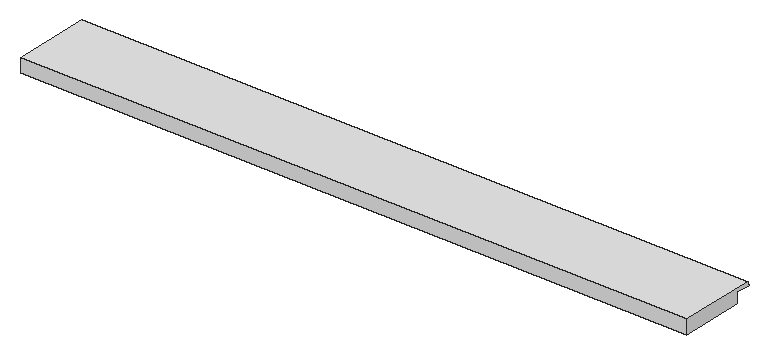
Revit family "11-TRIMBOARD-AND-STEALTH-TRIM-CADS-116-6-standard-st-4-REVIT_Versatex-Generic-Model-5-4in-x-6in-STEALTH-TRIM-1in-Pocket", category Generic Models, host Face, Revit 2026
Family settings
  Host = Face
  Can host rebar = No
  Round Connector Dimension = Use Diameter
  Part Type = Normal
  Cut with Voids When Loaded = No
  Maintain Annotation Orientation = No
  Shared = No
  Room Calculation Point = No
Parameters
  Model = "STBSM/TR540618"
  Length = 4' - 0"
  Warranty = "https://versatex.com/warranty/"
  URL = "https://versatex.com/"
  Specification = "https://www.arcat.com/company/versatex-45716/spec?coid=45716"
  Sales Information = "https://versatex.com/dealer-locator/"
  Message Manufacturer = "https://versatex.com/contact/"
  Material = Versatex PVC - Smooth
  Manufacturer Website = "https://versatex.com/"
  Manufacturer Phone = "724-857-1111"
  Manufacturer Fax = "724-857-1171"
  Manufacturer Address = "400 Steel Street, Aliquippa, PA 15001"
  Manufacturer = "Versatex"
  Literature = "https://versatex.com/literature/?_sft_literature_category=cads"
  Description = "NOMINAL 5/4\" X 6\" STEALTH TRIM"
  Default Elevation = 4' - 0"
  Copyright = "© 2024 VERSATEX Building Products, LLC"
Reference planes (in)
  plane 1 "Center (Front/Back)": y = 0
  plane 2: z = 0
  plane 3 "Center (Left/Right)": x = 0
  plane 4: x = 24
  plane 5: x = -24
Forms (in)
  Sweep 1, solid, material "Versatex PVC - Smooth" <- "Material"
    path origin (0, 0, 0) x (1, 0, 0) y (0, 1, 0)
      loop
        line (-24, 0) -> (24, 0)
    profile "Versatex_Profile_5-4” x 6” STEALTH TRIM (1in Pocket) : Versatex_Profile_5-4” x 6” STEALTH TRIM (1in Pocket)" origin (0, 0, 0) x (0, 1, 0) y (0, 0, 1)
      loop
        line (5.5, 0.75) -> (5.5, 1) -> (0, 1) -> (0, 0) -> (4.5, 0) -> (4.5, 0.75) -> (5.5, 0.75)
Dimensions and locks (in)
  "Length": plane 5 to plane 4
  equal spacing: plane 5, plane 3 "Center (Left/Right)", plane 4, locked at 24 each
  aligned and locked: plane 2 to host face
  aligned and locked: level to host face
Automatic sketch dimensions
  host sketch curve to host sketch curve = 8' - 0"  (x2)
  plane 1 "Center (Front/Back)" to Sweep 1 sketch curve = 0' - 0"
  Sweep 1 sketch curve to plane 5 = 0' - 0"
  Sweep 1 sketch curve to plane 4 = 0' - 0"
